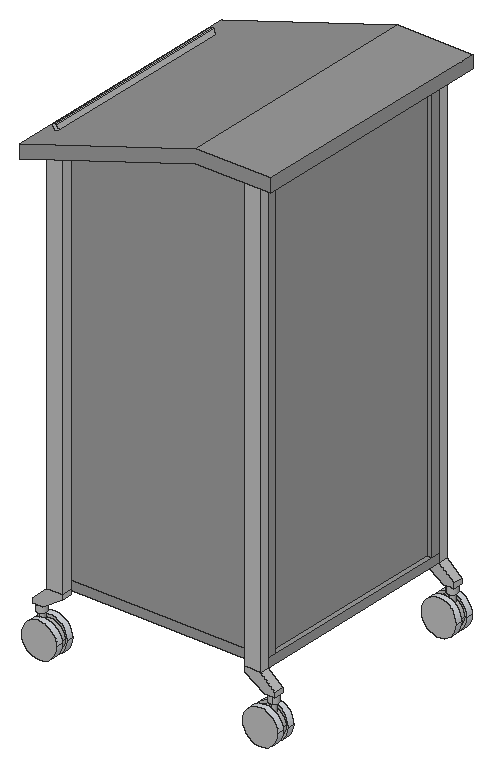
Revit family "Haworth_Planes_CartPodium_AP_PRELIMINARY", category Furniture Systems, Revit 2019
Family settings
  Round Connector Dimension = Use Diameter
  Part Type = Normal
  OmniClass Number = 23.40.70.14.64.21.14
  OmniClass Title = Free-Standing Component
  Work Plane-Based = No
  Always vertical = Yes
  Cut with Voids When Loaded = No
  Shared = No
  Room Calculation Point = No
Parameters (values of type "Cart - Podium")
  with Lock = yes
  Warranty = "http://www.haworth.com/resources/product-info/warranties"
  URL - Product = "https://www.haworth.com/ap/en/products/accessories/planes.html"
  Size = "Verify Final Dim. w/Haworth"  # constant formula
  Podium Top Finish [instance] = Haworth _ Laminate _ Undecided _ Storage
  URL = "https://www.haworth.com/ap/en.html"
  Podium Leg Finish [instance] = Haworth _ Paint _ Metallic Champagne
  Podium Edge Finish [instance] = Haworth _ Laminate _ Undecided _ Storage
  Model = "WOPLCBD"  # constant formula
  Manufacturer = "Haworth"  # constant formula
  Glides = not(Casters)  # no
  Description = "Haworth - Planes - Cart - Podium"  # constant formula
  Casters = yes
  Caster Finish = Haworth _ Paint _ Metallic Champagne
  Cart Leg Finish [instance] = Haworth _ Paint _ Metallic Champagne
  Author = "Haworth (Hampton, Abd Rahman)"  # constant formula
  Assembly Code = "E2020200"
Reference planes
  plane 1 "Center F/B": y = 0
  plane 2: z = 0
  plane 3 "Center L/R": x = 0
  plane 4 "Center Left To Right": y = 0
  plane 5 "Center Front To Back": x = 0
  plane 6 "Right": y = -285.75
  plane 7 "Left": y = 285.75
  plane 8 "Back": x = -283.437
  plane 9 "Front": x = 283.437
  plane 10 "Top Top": z = 1168.4
  plane 11 "Top Bottom": z = 1138.237
  plane 12 "Angle Top": through (-281.939, -4572, 1039.847) normal (-0.309, 0, 0.9511)
  plane 13 "Angle Bottom": through (-281.939, -4572, 1009.685) normal (-0.309, 0, 0.9511)
  plane 14: y = 222.25
  plane 15: y = -222.25
  plane 16: y = 240.754
  plane 17: y = -240.754
  plane 18: x = -239.594
  plane 19: x = 243.006
  plane 20: x = -226.894
  plane 21: x = -207.844
  plane 22: z = 142.875
  plane 23: z = 162.052
  plane 24: z = 704.748
  plane 25: x = 135.056
  plane 26: x = 230.306
  plane 27: x = 116.006
  plane 28: x = 211.256
  plane 29: z = 685.698
Forms (mm)
  Revolve 1, solid, material "Haworth _ Paint _ Metallic Champagne" <- "Podium Leg Finish", visible <- "Glides"
    sketch origin (-549.796, -252.754, 0.074) x (-1, -0.000803, 0) y (0, 0, -1)
      loop
        line (-288.79, -87.312) -> (-277.678, -87.312) -> (-277.678, -8.331) -> (-263.39, -8.331) -> (-263.39, 0) -> (-288.79, 0) -> (-288.79, -87.312)
      axis (-288.79, -87.312) -> (-288.79, 0)
    angle from 0 to 360
  Extrusion 2, solid, material "Haworth _ Paint _ Metallic Champagne" <- "Podium Leg Finish"
    sketch origin (-526.806, -84.62, 0.074) x (0.469468, 0.88295, 0) y (-0.88295, 0.469468, 0)
      loop
        circle (-23.472, -313.517) r 11.112
    from 87.312 to 102.607
  Extrusion 3, solid, material "Haworth _ Paint _ Metallic Champagne" <- "Podium Leg Finish"
    sketch origin (-664.806, -263.962, 0) x (-1, 0, 0) y (0, 0, 1)
      loop
        line (-459.93, 142.875) -> (-459.93, 132.152) -> (-414.913, 102.681) -> (-392.688, 102.681) -> (-392.688, 112.841) -> (-425.108, 142.875) -> (-459.93, 142.875)
    from 0 to 22.544
  Revolve 4, solid, material "Haworth _ Paint _ Metallic Champagne" <- "Podium Leg Finish", visible <- "Glides"
    sketch origin (-549.796, 252.823, 0.074) x (-1, 0.000803, 0) y (0, 0, 1)
      loop
        line (-288.79, 87.312) -> (-288.79, 0) -> (-263.39, 0) -> (-263.39, 8.331) -> (-277.678, 8.331) -> (-277.678, 87.312) -> (-288.79, 87.312)
      axis (-288.79, 87.312) -> (-288.79, 0)
    angle from 0 to 360
  Extrusion 5, solid, material "Haworth _ Paint _ Metallic Champagne" <- "Podium Leg Finish"
    sketch origin (-526.806, 84.689, 0.074) x (0.469468, -0.88295, 0) y (0.88295, 0.469468, 0)
      loop
        circle (-23.472, 313.517) r 11.112
    from 87.312 to 102.607
  Extrusion 6, solid, material "Haworth _ Paint _ Metallic Champagne" <- "Podium Leg Finish"
    sketch origin (-664.806, 264.031, 0) x (-1, 0, 0) y (0, 0, -1)
      loop
        line (-459.93, -142.875) -> (-425.108, -142.875) -> (-392.688, -112.841) -> (-392.688, -102.681) -> (-414.913, -102.681) -> (-459.93, -132.152) -> (-459.93, -142.875)
    from 0 to 22.544
  Revolve 7, solid, material "Haworth _ Paint _ Metallic Champagne" <- "Podium Leg Finish", visible <- "Glides"
    sketch origin (552.971, -252.754, 0.074) x (1, -0.000803, 0) y (0, 0, 1)
      loop
        line (-288.79, 87.312) -> (-288.79, 0) -> (-263.39, 0) -> (-263.39, 8.331) -> (-277.678, 8.331) -> (-277.678, 87.312) -> (-288.79, 87.312)
      axis (-288.79, 87.312) -> (-288.79, 0)
    angle from 0 to 360
  Extrusion 8, solid, material "Haworth _ Paint _ Metallic Champagne" <- "Podium Leg Finish"
    sketch origin (529.981, -84.62, 0.074) x (-0.469468, 0.88295, 0) y (-0.88295, -0.469468, 0)
      loop
        circle (-23.472, 313.517) r 11.112
    from 87.312 to 102.607
  Extrusion 9, solid, material "Haworth _ Paint _ Metallic Champagne" <- "Podium Leg Finish"
    sketch origin (667.981, -263.962, 0) x (1, 0, 0) y (0, 0, -1)
      loop
        line (-460.108, -142.875) -> (-425.108, -142.875) -> (-392.688, -112.841) -> (-392.688, -102.681) -> (-414.913, -102.681) -> (-460.108, -132.269) -> (-460.108, -142.875)
    from 0 to 22.544
  Revolve 10, solid, material "Haworth _ Paint _ Metallic Champagne" <- "Podium Leg Finish", visible <- "Glides"
    sketch origin (552.971, 252.823, 0.074) x (1, 0.000803, 0) y (0, 0, -1)
      loop
        line (-288.79, -87.312) -> (-277.678, -87.312) -> (-277.678, -8.331) -> (-263.39, -8.331) -> (-263.39, 0) -> (-288.79, 0) -> (-288.79, -87.312)
      axis (-288.79, -87.312) -> (-288.79, 0)
    angle from 0 to 360
  Extrusion 11, solid, material "Haworth _ Paint _ Metallic Champagne" <- "Podium Leg Finish"
    sketch origin (529.981, 84.689, 0.074) x (-0.469468, -0.88295, 0) y (0.88295, -0.469468, 0)
      loop
        circle (-23.472, -313.517) r 11.112
    from 87.312 to 102.607
  Extrusion 12, solid, material "Haworth _ Paint _ Metallic Champagne" <- "Podium Leg Finish"
    sketch origin (667.981, 264.031, 0) x (1, 0, 0) y (0, 0, 1)
      loop
        line (-460.108, 142.875) -> (-460.108, 132.269) -> (-414.913, 102.681) -> (-392.688, 102.681) -> (-392.688, 112.841) -> (-425.108, 142.875) -> (-460.108, 142.875)
    from 0 to 22.544
  Extrusion 13, solid
    sketch origin (0, 0, 0) x (1, 0, 0) y (0, 0, 1)
      loop
        line (-283.437, 1039.36) -> (-283.437, 1009.198) -> (113.706, 1138.237) -> (283.437, 1138.237) -> (283.437, 1168.4) -> (113.706, 1168.4) -> (-283.437, 1039.36)
    from -285.75 to 285.75
  Extrusion 14, solid
    sketch origin (0, 0, 0) x (1, 0, 0) y (0, 0, 1)
      loop
        line (-256.121, 1048.236) -> (-247.062, 1051.179) -> (-250.451, 1061.61) -> (-252.47, 1062.638) -> (-258.509, 1060.676) -> (-259.519, 1058.694) -> (-256.121, 1048.236)
    from -220.117 to 222.25
  Extrusion 15, solid, material "Haworth _ Paint _ Metallic Champagne" <- "Podium Leg Finish"
    sketch origin (0, 0, 0) x (1, 0, 0) y (0, 1, 0)
      loop
        line (-239.698, -241.418) -> (-239.698, -263.962) -> (-204.876, -263.962) -> (-204.876, -241.418) -> (-239.698, -241.418)
    from 142.875 to 1034.951
  Extrusion 16, solid, material "Haworth _ Paint _ Metallic Champagne" <- "Podium Leg Finish"
    sketch origin (447.75, 0, 0) x (1, 0, 0) y (0, 1, 0)
      loop
        line (-239.698, -241.418) -> (-239.698, -263.962) -> (-204.876, -263.962) -> (-204.876, -241.418) -> (-239.698, -241.418)
    from 142.875 to 1138.237
  Extrusion 17, solid, material "Haworth _ Paint _ Metallic Champagne" <- "Podium Leg Finish"
    sketch origin (0, 0, 0) x (1, 0, 0) y (0, 1, 0)
      loop
        line (-239.698, 241.418) -> (-204.876, 241.418) -> (-204.876, 263.962) -> (-239.698, 263.962) -> (-239.698, 241.418)
    from 142.875 to 1034.951
  Extrusion 18, solid, material "Haworth _ Paint _ Metallic Champagne" <- "Podium Leg Finish"
    sketch origin (447.75, 0, 0) x (1, 0, 0) y (0, 1, 0)
      loop
        line (-239.698, 241.418) -> (-204.876, 241.418) -> (-204.876, 263.962) -> (-239.698, 263.962) -> (-239.698, 241.418)
    from 142.875 to 1138.237
  Extrusion 19, solid, material "Haworth _ Laminate _ Undecided _ Storage" <- "Podium Top Finish"
    sketch origin (0, 0, 0) x (1, 0, 0) y (0, 0, 1)
      loop
        line (-239.698, 162.052) -> (-239.698, 142.875) -> (242.873, 142.875) -> (242.873, 162.052) -> (-239.698, 162.052)
    from -240.754 to 240.754
  Extrusion 20, solid, material "Haworth _ Laminate _ Undecided _ Storage" <- "Podium Top Finish"
    sketch origin (0, 0, 0) x (1, 0, 0) y (0, 0, 1)
      loop
        line (-239.698, 162.052) -> (242.873, 162.052) -> (242.873, 1138.237) -> (113.706, 1138.237) -> (-239.698, 1023.41) -> (-239.698, 162.052)
    from 222.25 to 240.754
  Extrusion 21, solid, material "Haworth _ Laminate _ Undecided _ Storage" <- "Podium Top Finish"
    sketch origin (0, 0, 0) x (1, 0, 0) y (0, 0, -1)
      loop
        line (-239.698, -162.052) -> (-239.698, -1023.41) -> (113.706, -1138.237) -> (242.873, -1138.237) -> (242.873, -162.052) -> (-239.698, -162.052)
    from 222.25 to 240.754
  Extrusion 22, solid
    sketch origin (0, 0, 0) x (1, 0, 0) y (0, 0, 1)
      loop
        line (-226.894, 704.748) -> (-226.894, 162.052) -> (-207.844, 162.052) -> (-207.844, 704.748) -> (-226.894, 704.748)
    from -222.25 to 222.25
  Extrusion 23, solid, material "Haworth _ Laminate _ Undecided _ Storage" <- "Podium Top Finish"
    sketch origin (0, 0, 0) x (1, 0, 0) y (0, 0, 1)
      loop
        line (135.056, 1138.237) -> (116.006, 1138.237) -> (116.006, 704.748) -> (135.056, 704.748) -> (135.056, 1138.237)
    from -222.25 to 222.25
  Extrusion 24, solid, material "Haworth _ Laminate _ Undecided _ Storage" <- "Podium Top Finish"
    sketch origin (0, 0, 0) x (1, 0, 0) y (0, 0, 1)
      loop
        line (230.306, 1138.237) -> (211.256, 1138.237) -> (211.256, 162.052) -> (230.306, 162.052) -> (230.306, 1138.237)
    from -222.25 to 222.25
  Extrusion 25, solid
    sketch origin (0, 0, 0) x (1, 0, 0) y (0, 0, 1)
      loop
        line (-207.844, 704.748) -> (-207.844, 685.698) -> (135.056, 685.698) -> (135.056, 704.748) -> (-207.844, 704.748)
    from -222.25 to 222.25
  Extrusion 26, solid, material "Haworth _ Paint _ Metallic Champagne" <- "Caster Finish", visible <- "with Lock"
    sketch origin (0, -385, -5) x (0, 1, 0) y (0, 0, 1)
      loop
        circle (201.972, 672.584) r 8
    from -230.475 to -226.894
Lines and regions (mm)
  Masking region 1
    outline origin (0, 0, 0) x (1, 0, 0) y (0, 1, 0)
      loop
        line (-283.437, 285.75) -> (-283.437, -285.75) -> (283.437, -285.75) -> (283.437, 285.75) -> (-283.437, 285.75)
  Masking region 2
    outline origin (0, 0, 0) x (1, 0, 0) y (0, 1, 0)
      loop
        line (-259.519, 220.117) -> (-259.519, -222.25) -> (-247.062, -222.25) -> (-247.062, 220.117) -> (-259.519, 220.117)
Dimensions and locks
  plane 6 "Right" to plane 7 "Left" = 571.5 mm
  equal spacing: plane 6 "Right", plane 4 "Center Left To Right", plane 7 "Left"
Automatic sketch dimensions
  Revolve 1 sketch curve to plane 22 = 55.708 mm
  Revolve 1 sketch curve to Revolve 1 sketch curve = 0 mm
  Revolve 1 sketch curve to Revolve 1 sketch curve = 11.112 mm
  level to Revolve 1 sketch curve = 0.074 mm
  Revolve 1 sketch curve to Revolve 1 sketch curve = 14.287 mm
  Revolve 1 sketch curve to Revolve 1 sketch curve = 0.22 mm
  level to Revolve 1 sketch curve = 8.406 mm
  Revolve 1 sketch curve to level = 27.133 mm
  Extrusion 2 sketch curve to plane 17 = 11.777 mm
  Extrusion 2 sketch curve to plane 18 = 21.411 mm
  Extrusion 3 sketch curve to plane 22 = 0 mm
  Extrusion 3 sketch curve to plane 21 = 2.968 mm
  Extrusion 3 sketch curve to plane 18 = 0.104 mm
  Extrusion 3 sketch curve to plane 18 = 10.299 mm
  plane 8 "Back" to Extrusion 3 sketch curve = 11.319 mm
  Extrusion 3 sketch curve to plane 22 = 10.723 mm
  Extrusion 3 sketch curve to plane 22 = 30.034 mm
  Extrusion 3 sketch curve to Extrusion 3 sketch curve = 10.16 mm
  Revolve 4 sketch curve to plane 22 = 55.708 mm
  Revolve 4 sketch curve to Revolve 4 sketch curve = 0 mm
  Revolve 4 sketch curve to Revolve 4 sketch curve = 11.112 mm
  level to Revolve 4 sketch curve = 0.074 mm
  Revolve 4 sketch curve to Revolve 4 sketch curve = 14.287 mm
  Revolve 4 sketch curve to level = 27.133 mm
  level to Revolve 4 sketch curve = 8.406 mm
  Revolve 4 sketch curve to Revolve 4 sketch curve = 0.22 mm
  Extrusion 5 sketch curve to plane 16 = 11.845 mm
  Extrusion 5 sketch curve to plane 18 = 21.411 mm
  Extrusion 6 sketch curve to plane 22 = 0 mm
  Extrusion 6 sketch curve to plane 21 = 2.968 mm
  Extrusion 6 sketch curve to plane 18 = 0.104 mm
  Extrusion 6 sketch curve to plane 18 = 10.299 mm
  plane 8 "Back" to Extrusion 6 sketch curve = 11.319 mm
  Extrusion 6 sketch curve to plane 22 = 10.723 mm
  Extrusion 6 sketch curve to plane 22 = 30.034 mm
  Extrusion 6 sketch curve to Extrusion 6 sketch curve = 10.16 mm
  Revolve 7 sketch curve to plane 22 = 55.708 mm
  Revolve 7 sketch curve to Revolve 7 sketch curve = 0 mm
  Revolve 7 sketch curve to Revolve 7 sketch curve = 11.112 mm
  level to Revolve 7 sketch curve = 0.074 mm
  Revolve 7 sketch curve to Revolve 7 sketch curve = 14.287 mm
  Revolve 7 sketch curve to level = 27.133 mm
  level to Revolve 7 sketch curve = 8.406 mm
  Revolve 7 sketch curve to Revolve 7 sketch curve = 0.22 mm
  Extrusion 8 sketch curve to plane 17 = 11.777 mm
  plane 9 "Front" to Extrusion 8 sketch curve = 19.257 mm
  Extrusion 9 sketch curve to plane 22 = 0 mm
  plane 26 to Extrusion 9 sketch curve = 22.432 mm
  plane 19 to Extrusion 9 sketch curve = 0.132 mm
  Extrusion 9 sketch curve to plane 19 = 10.063 mm
  plane 9 "Front" to Extrusion 9 sketch curve = 8.144 mm
  Extrusion 9 sketch curve to plane 22 = 10.606 mm
  Extrusion 9 sketch curve to plane 22 = 30.034 mm
  Extrusion 9 sketch curve to Extrusion 9 sketch curve = 10.16 mm
  Revolve 10 sketch curve to plane 22 = 55.708 mm
  Revolve 10 sketch curve to Revolve 10 sketch curve = 0 mm
  Revolve 10 sketch curve to Revolve 10 sketch curve = 11.112 mm
  level to Revolve 10 sketch curve = 0.074 mm
  Revolve 10 sketch curve to Revolve 10 sketch curve = 14.287 mm
  Revolve 10 sketch curve to Revolve 10 sketch curve = 0.22 mm
  level to Revolve 10 sketch curve = 8.406 mm
  Revolve 10 sketch curve to level = 27.133 mm
  Extrusion 11 sketch curve to plane 16 = 11.845 mm
  plane 9 "Front" to Extrusion 11 sketch curve = 19.257 mm
  Extrusion 12 sketch curve to plane 22 = 0 mm
  plane 26 to Extrusion 12 sketch curve = 22.432 mm
  plane 19 to Extrusion 12 sketch curve = 0.132 mm
  Extrusion 12 sketch curve to plane 19 = 10.063 mm
  plane 9 "Front" to Extrusion 12 sketch curve = 8.144 mm
  Extrusion 12 sketch curve to plane 22 = 10.606 mm
  Extrusion 12 sketch curve to plane 22 = 30.034 mm
  Extrusion 12 sketch curve to Extrusion 12 sketch curve = 10.16 mm
  Extrusion 13 sketch curve to plane 8 "Back" = 0 mm
  Extrusion 13 sketch curve to plane 10 "Top Top" = 0 mm
  plane 12 "Angle Top" to Extrusion 13 sketch curve = 0 mm  (x2)
  Extrusion 13 sketch curve to plane 11 "Top Bottom" = 0 mm
  plane 13 "Angle Bottom" to Extrusion 13 sketch curve = 0 mm  (x2)
  plane 9 "Front" to Extrusion 13 sketch curve = 0 mm
  plane 12 "Angle Top" to Extrusion 14 sketch curve = 0 mm  (x2)
  Extrusion 14 sketch curve to plane 18 = 19.925 mm
  Extrusion 14 sketch curve to Extrusion 14 sketch curve = 1.01 mm
  Extrusion 14 sketch curve to Extrusion 14 sketch curve = 3.398 mm
  Extrusion 14 sketch curve to Extrusion 14 sketch curve = 6.039 mm
  Extrusion 14 sketch curve to Extrusion 14 sketch curve = 2.018 mm
  Extrusion 14 sketch curve to Extrusion 14 sketch curve = 9.059 mm
  Extrusion 14 sketch curve to Extrusion 14 sketch curve = 1.982 mm
  Extrusion 14 sketch curve to Extrusion 14 sketch curve = 1.028 mm
  Extrusion 15 sketch curve to plane 18 = 0.104 mm
  Extrusion 15 sketch curve to plane 17 = 0.664 mm
  Extrusion 15 sketch curve to plane 21 = 2.968 mm
  Extrusion 15 sketch curve to plane 6 "Right" = 21.788 mm
  plane 26 to Extrusion 16 sketch curve = 22.254 mm
  plane 19 to Extrusion 16 sketch curve = 0.132 mm
  Extrusion 16 sketch curve to plane 6 "Right" = 21.788 mm
  Extrusion 16 sketch curve to plane 17 = 0.664 mm
  plane 18 to Extrusion 17 sketch curve = 0.104 mm
  plane 16 to Extrusion 17 sketch curve = 0.664 mm
  plane 21 to Extrusion 17 sketch curve = 2.968 mm
  Extrusion 17 sketch curve to plane 7 "Left" = 21.788 mm
  Extrusion 18 sketch curve to plane 26 = 22.254 mm
  Extrusion 18 sketch curve to plane 19 = 0.132 mm
  Extrusion 18 sketch curve to plane 7 "Left" = 21.788 mm
  plane 16 to Extrusion 18 sketch curve = 0.664 mm
  Extrusion 19 sketch curve to plane 22 = 0 mm
  Extrusion 19 sketch curve to plane 23 = 0 mm
  Extrusion 19 sketch curve to plane 18 = 0.104 mm
  plane 19 to Extrusion 19 sketch curve = 0.132 mm
  Extrusion 20 sketch curve to plane 23 = 0 mm
  plane 13 "Angle Bottom" to Extrusion 20 sketch curve = 0 mm  (x2)
  Extrusion 20 sketch curve to plane 11 "Top Bottom" = 0 mm
  Extrusion 20 sketch curve to plane 18 = 0.104 mm
  plane 19 to Extrusion 20 sketch curve = 0.132 mm
  Extrusion 21 sketch curve to plane 23 = 0 mm
  plane 13 "Angle Bottom" to Extrusion 21 sketch curve = 0 mm  (x2)
  Extrusion 21 sketch curve to plane 11 "Top Bottom" = 0 mm
  Extrusion 21 sketch curve to plane 18 = 0.104 mm
  plane 19 to Extrusion 21 sketch curve = 0.132 mm
  plane 20 to Extrusion 22 sketch curve = 0 mm
  plane 21 to Extrusion 22 sketch curve = 0 mm
  Extrusion 22 sketch curve to plane 23 = 0 mm
  Extrusion 22 sketch curve to plane 24 = 0 mm
  Extrusion 23 sketch curve to plane 11 "Top Bottom" = 0 mm
  Extrusion 23 sketch curve to plane 27 = 0 mm
  Extrusion 23 sketch curve to plane 24 = 0 mm
  Extrusion 23 sketch curve to plane 25 = 0 mm
  Extrusion 24 sketch curve to plane 11 "Top Bottom" = 0 mm
  plane 28 to Extrusion 24 sketch curve = 0 mm
  Extrusion 24 sketch curve to plane 23 = 0 mm
  plane 26 to Extrusion 24 sketch curve = 0 mm
  plane 21 to Extrusion 25 sketch curve = 0 mm
  Extrusion 25 sketch curve to plane 25 = 0 mm
  Extrusion 25 sketch curve to plane 29 = 0 mm
  Extrusion 25 sketch curve to plane 24 = 0 mm
  plane 7 "Left" to Masking region 1 sketch curve = 0 mm
  Masking region 1 sketch curve to plane 8 "Back" = 0 mm
  Masking region 1 sketch curve to plane 9 "Front" = 0 mm
  plane 6 "Right" to Masking region 1 sketch curve = 0 mm
  Masking region 2 sketch curve to plane 15 = 0 mm
  Masking region 2 sketch curve to plane 18 = 19.925 mm
  Masking region 2 sketch curve to plane 18 = 7.468 mm
  plane 14 to Masking region 2 sketch curve = 2.133 mm
  plane 14 to Extrusion 26 sketch curve = 405.278 mm
  Extrusion 26 sketch curve to plane 29 = 18.114 mm
  radius of Extrusion 2 sketch curve = 11.112 mm
  radius of Extrusion 5 sketch curve = 11.112 mm
  radius of Extrusion 8 sketch curve = 11.112 mm
  radius of Extrusion 11 sketch curve = 11.112 mm
  radius of Extrusion 26 sketch curve = 8 mm
Nested families
  nested 1: "Haworth_3in Caster" at (-260.822, -252.531, 0.074) x (0, 1, 0) z (0, 0, 1), visible <- "Casters", type "Haworth_3in Caster"
  nested 2: "Haworth_3in Caster" at (-260.822, 252.6, 0.074) x (0, -1, 0) z (0, 0, 1), visible <- "Casters", type "Haworth_3in Caster"
  nested 3: "Haworth_3in Caster" at (263.997, -252.531, 0.074) x (0, 1, 0) z (0, 0, 1), visible <- "Casters", type "Haworth_3in Caster"
  nested 4: "Haworth_3in Caster" at (263.997, 252.6, 0.074) x (0, -1, 0) z (0, 0, 1), visible <- "Casters", type "Haworth_3in Caster"
Definition of nested family "Haworth_3in Caster"
  Parameters
    Glides = yes
    Caster Finish = none
    Cart Leg Finish = none
    Assembly Code = ""
  Reference planes
    plane 1 "Center (Front/Back)": y = 0
    plane 2: z = 0
    plane 3 "Center (Left/Right)": x = 0
  Forms (mm)
    Extrusion 1, solid
      sketch origin (0, 0, -0.538) x (0, 1, 0) y (0, 0, 1)
        loop
          circle (-12.369, 40.225) r 39.688
      from 22.225 to 7.938
    Extrusion 2, solid
      sketch origin (0, 0, -0.538) x (0, 1, 0) y (0, 0, 1)
        loop
          circle (-12.369, 40.225) r 39.688
      from -22.225 to -7.938
    Extrusion 3, solid
      sketch origin (0, 0, 0) x (0, 1, 0) y (0, 0, 1)
        loop
          circle (-12.369, 39.687) r 33.338
      from -7.938 to 7.938
    Extrusion 4, solid
      sketch origin (0, 0, 0) x (1, 0, 0) y (0, 1, 0)
        loop
          circle (0, 0) r 6.35
      from 61.913 to 87.313
  Cuts and joins
    joined: Extrusion 3, Extrusion 4
  Dimensions and locks
    plane 3 "Center (Left/Right)" to Extrusion 2 = 7.938 mm
    Extrusion 1 to plane 3 "Center (Left/Right)" = 22.225 mm
